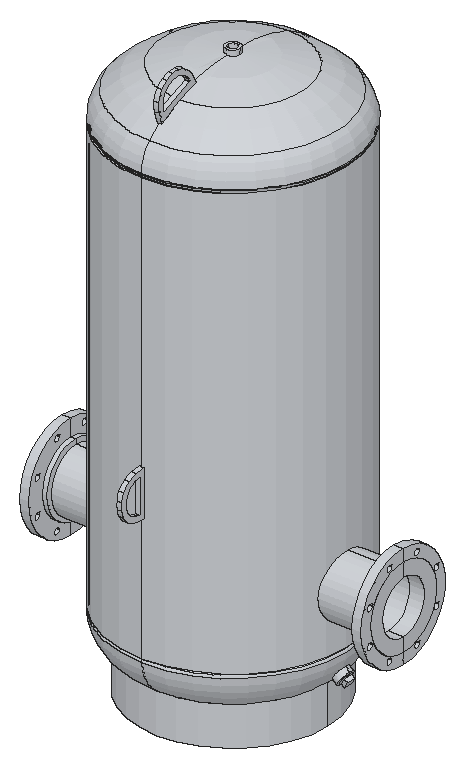
Revit family "CBT-120-6", category Generic Models, Revit 2014
Parameters (values of type "CBT-120-6")
  URL = "http://westank.com/"
  Tank Volume = 120.00 gal
  Shipping Weight = 410.00 lbf
  Part Number = 55240120
  Model = "CBT-120-6"
  Flange Connector Diameter = 6"
  Description = "Wessels ASME Chilled Water Buffer Tanks (CBT) are designed for chilled water systems with insufficient water volume capacity in relation to the chiller capacity."
  D = 14"
  C = 19.99807"
  B = 60"
  A = 24"
Reference planes (in)
  plane 1 "Center (Front/Back)": y = 0
  plane 2: z = 0
  plane 3 "Center (Left/Right)": x = 0
  plane 4: through (12.55282, -180, 5.24135) normal (0.8192, 0, -0.5736)
  plane 5: z = 60
  plane 6: x = -9.99904
  plane 7: x = 9.99904
  plane 8: x = -12
  plane 9: x = 12
  plane 10: y = 12
  plane 11: y = -12
  plane 12: z = 14
  plane 13: z = 0
Forms (in)
  Revolve 1, solid
    sketch origin (0, -0.02461, 0) x (0, 1, 0) y (0, 0, 1)
      loop
        arc (-9.83101, 4.11424) -> (-7.79074, 2.94425) -> (-5.56568, 2.18221) r 12.35166
        arc (-5.56568, 2.18221) -> (-4.72655, 1.99447) -> (-3.88233, 1.83116) r 29.62981
        arc (-3.88233, 1.83116) -> (-1.9365, 1.57353) -> (0.02461, 1.49157) r 21.84895
        line (0.02461, 1.49157) -> (0.02461, 1.65844)
        arc (0.02461, 1.65844) -> (-1.34403, 1.72852) -> (-2.7096, 1.84384) r 41.42336
        arc (-2.7096, 1.84384) -> (-4.29668, 2.07784) -> (-5.85586, 2.45541) r 17.59706
        arc (-5.85586, 2.45541) -> (-7.96801, 3.24984) -> (-9.93425, 4.35719) r 14.74916
        arc (-9.93425, 4.35719) -> (-11.28742, 5.80966) -> (-11.85018, 7.71336) r 4.32984
        arc (-11.85018, 7.71336) -> (-11.81699, 7.79381) -> (-11.76254, 7.86171) r 0.30676
        arc (-11.76254, 7.86171) -> (-11.65716, 8.06319) -> (-11.7003, 8.28643) r 0.3444
        line (-11.7003, 8.28643) -> (-11.83544, 8.28643) -> (-11.83544, 53.23643) -> (-11.67058, 53.23643)
        arc (-11.67058, 53.23643) -> (-11.7113, 53.50997) -> (-11.84324, 53.75302) r 0.7952
        arc (-11.84324, 53.75302) -> (-11.85918, 53.77449) -> (-11.87365, 53.79698) r 0.40051
        arc (-11.87365, 53.79698) -> (-11.59108, 55.14279) -> (-10.81984, 56.28132) r 3.5625
        arc (-10.81984, 56.28132) -> (-9.1367, 57.64322) -> (-7.21479, 58.64022) r 10.74973
        arc (-7.21479, 58.64022) -> (-3.6597, 59.63533) -> (0.02461, 59.8694) r 17.65577
        line (0.02461, 59.8694) -> (0.02461, 60.01952)
        arc (0.02461, 60.01952) -> (-3.68786, 59.78269) -> (-7.2701, 58.77965) r 17.80577
        arc (-7.2701, 58.77965) -> (-9.21883, 57.76874) -> (-10.92545, 56.38783) r 10.89973
        arc (-10.92545, 56.38783) -> (-11.73679, 55.18328) -> (-12.02393, 53.75964) r 3.7125
        arc (-12.02393, 53.75964) -> (-11.99497, 53.70793) -> (-11.96061, 53.65963) r 0.55051
        arc (-11.96061, 53.65963) -> (-11.88074, 53.53057) -> (-11.83322, 53.38643) r 0.6452
        line (-11.83322, 53.38643) -> (-11.97539, 53.38643) -> (-11.97539, 8.13643) -> (-11.80492, 8.13643)
        arc (-11.80492, 8.13643) -> (-11.81524, 8.04663) -> (-11.86505, 7.97121) r 0.1944
        arc (-11.86505, 7.97121) -> (-11.95237, 7.85922) -> (-12.00107, 7.72583) r 0.45676
        arc (-12.00107, 7.72583) -> (-11.36713, 5.64899) -> (-9.83101, 4.11424) r 4.47984
      axis (0.02461, 1.49157) -> (0.02461, 60.01952)
    angle from 0 to 360
  Revolve 2, solid
    sketch origin (0, 0, 0) x (-1, 0, 0) y (0, 0, 1)
      loop
        line (16.50002, 11.18799) -> (16.50002, 10.21487) -> (17.06253, 10.21487) -> (17.06253, 8.49935) -> (18.00002, 8.49935) -> (18.00002, 9.7492) -> (18.06252, 9.7492) -> (18.06252, 11.18799) -> (16.50002, 11.18799)
      axis (18.06252, 14) -> (16.50002, 14)
    angle from 0 to 360
  Revolve 3, solid
    sketch origin (0, 0, 0) x (1, 0, 0) y (0, 0, 1)
      loop
        line (11.71753, 6.11956) -> (11.66586, 6.1556) -> (11.25436, 5.56561) -> (11.86992, 5.13627) -> (12.24588, 5.6753) -> (12.19462, 5.71106) -> (12.31904, 5.88945) -> (11.80641, 6.24699) -> (11.71753, 6.11956)
      axis (11.25436, 5.56561) -> (11.86992, 5.13627)
    angle from 0 to 360
  Extrusion 4, solid
    sketch origin (12.55282, -180, 5.24135) x (0.573576, 0, 0.819152) y (0, -1, 0)
      loop
        line (-0.16036, -179.52645) -> (-0.95521, -179.68698) -> (-0.79485, -180.48095) -> (0, -180.32042) -> (-0.16036, -179.52645)
    from -1.04121 to 0
  Extrusion 5, solid
    sketch origin (0, 0, 0) x (0, 1, 0) y (0, 0, 1)
      loop
        line (-11.93439, 21.33067) -> (-11.93439, 26.202)
        arc (-11.93439, 26.202) -> (-12.47846, 26.15164) -> (-13.01533, 26.05008) r 5.77422
        arc (-13.01533, 26.05008) -> (-13.49297, 25.89754) -> (-13.94252, 25.67548) r 3.35288
        arc (-13.94252, 25.67548) -> (-14.34081, 25.36666) -> (-14.64962, 24.96837) r 2.0073
        arc (-14.64962, 24.96837) -> (-14.80343, 24.58932) -> (-14.88788, 24.18906) r 2.30742
        arc (-14.88788, 24.18906) -> (-14.91277, 23.77188) -> (-14.88788, 23.3547) r 3.50846
        arc (-14.88788, 23.3547) -> (-14.79412, 22.92876) -> (-14.61961, 22.52904) r 2.24053
        arc (-14.61961, 22.52904) -> (-14.27401, 22.08806) -> (-13.80999, 21.77406) r 1.8078
        arc (-13.80999, 21.77406) -> (-13.34321, 21.55591) -> (-12.84107, 21.44044) r 2.44481
        arc (-12.84107, 21.44044) -> (-12.39043, 21.36326) -> (-11.93439, 21.33067) r 4.65484
      loop
        arc (-12.44611, 25.63929) -> (-12.67227, 25.60073) -> (-12.89654, 25.55235) r 5.2625
        arc (-12.89654, 25.55235) -> (-13.30128, 25.42308) -> (-13.68221, 25.23491) r 2.84116
        arc (-13.68221, 25.23491) -> (-13.97364, 25.01013) -> (-14.20134, 24.72098) r 1.49558
        arc (-14.20134, 24.72098) -> (-14.3163, 24.43235) -> (-14.37979, 24.12821) r 1.7957
        arc (-14.37979, 24.12821) -> (-14.40106, 23.77188) -> (-14.37979, 23.41555) r 2.99674
        arc (-14.37979, 23.41555) -> (-14.30745, 23.08689) -> (-14.17279, 22.77846) r 1.72881
        arc (-14.17279, 22.77846) -> (-13.91552, 22.45353) -> (-13.56884, 22.22643) r 1.29608
        arc (-13.56884, 22.22643) -> (-13.1779, 22.0402) -> (-12.75531, 21.94566) r 1.9331
        arc (-12.75531, 21.94566) -> (-12.60126, 21.91347) -> (-12.44611, 21.88716) r 4.14312
        line (-12.44611, 21.88716) -> (-12.44611, 25.63929)
    from -0.24366 to 0.25634
  Extrusion 6, solid
    sketch origin (0, -25.23675, 38.88211) x (0, 0.366501, -0.930418) y (0, 0.930418, 0.366501)
      loop
        line (-11.41103, 21.34851) -> (-11.41103, 26.20181)
        arc (-11.41103, 26.20181) -> (-12.2185, 26.18219) -> (-13.01533, 26.05008) r 5.77422
        arc (-13.01533, 26.05008) -> (-13.49297, 25.89754) -> (-13.94252, 25.67548) r 3.35288
        arc (-13.94252, 25.67548) -> (-14.34081, 25.36666) -> (-14.64962, 24.96837) r 2.0073
        arc (-14.64962, 24.96837) -> (-14.80343, 24.58932) -> (-14.88788, 24.18906) r 2.30742
        arc (-14.88788, 24.18906) -> (-14.91277, 23.77188) -> (-14.88788, 23.3547) r 3.50846
        arc (-14.88788, 23.3547) -> (-14.79412, 22.92876) -> (-14.61961, 22.52904) r 2.24053
        arc (-14.61961, 22.52904) -> (-14.27401, 22.08806) -> (-13.80999, 21.77406) r 1.8078
        arc (-13.80999, 21.77406) -> (-13.34321, 21.55591) -> (-12.84107, 21.44044) r 2.44481
        arc (-12.84107, 21.44044) -> (-12.12961, 21.33911) -> (-11.41103, 21.34851) r 4.65484
      loop
        arc (-12.44611, 25.63929) -> (-12.67227, 25.60073) -> (-12.89654, 25.55235) r 5.2625
        arc (-12.89654, 25.55235) -> (-13.30128, 25.42308) -> (-13.68221, 25.23491) r 2.84116
        arc (-13.68221, 25.23491) -> (-13.97364, 25.01013) -> (-14.20134, 24.72098) r 1.49558
        arc (-14.20134, 24.72098) -> (-14.3163, 24.43235) -> (-14.37979, 24.12821) r 1.7957
        arc (-14.37979, 24.12821) -> (-14.40106, 23.77188) -> (-14.37979, 23.41555) r 2.99674
        arc (-14.37979, 23.41555) -> (-14.30745, 23.08689) -> (-14.17279, 22.77846) r 1.72881
        arc (-14.17279, 22.77846) -> (-13.91552, 22.45353) -> (-13.56884, 22.22643) r 1.29608
        arc (-13.56884, 22.22643) -> (-13.1779, 22.0402) -> (-12.75531, 21.94566) r 1.9331
        arc (-12.75531, 21.94566) -> (-12.60126, 21.91347) -> (-12.44611, 21.88716) r 4.14312
        line (-12.44611, 21.88716) -> (-12.44611, 25.63929)
    from -0.24366 to 0.25634
  Extrusion 7, solid
    sketch origin (0, 0, 0) x (1, 0, 0) y (0, 1, 0)
      loop
        circle (0, 0) r 0.75
      loop
        circle (0, 0) r 0.5
    from 58.5833 to 60.52076
  Extrusion 8, void
    sketch origin (0, 0.13917, 0.41751) x (0, 1, 0) y (0, 0, -1)
      loop
        circle (1.68352, -17.96968) r 0.37567
      loop
        circle (-1.94345, -17.96968) r 0.37567
      loop
        circle (-4.52054, -15.3926) r 0.37567
      loop
        circle (-4.52054, -11.76533) r 0.37567
      loop
        circle (-1.96477, -9.20956) r 0.37567
      loop
        circle (1.70182, -9.20956) r 0.37567
      loop
        circle (4.24934, -11.75708) r 0.37567
      loop
        circle (4.24934, -15.40775) r 0.37567
    from 15.80097 to 18.88976
  Extrusion 9, void
    sketch origin (0, 0, 0) x (1, 0, 0) y (0, 1, 0)
      loop
        circle (0, 0) r 0.5
    from 58.5833 to 62.3834
  Revolve 10, solid
    sketch origin (0, 0, 0) x (1, 0, 0) y (0, 0, 1)
      loop
        line (9.87513, 4.44941) -> (9.87513, 0) -> (10.00001, 0) -> (10.00001, 4.44941) -> (9.87513, 4.44941)
      axis (0, 4.44941) -> (0, 0)
    angle from 0 to 360
  Revolve 11, solid
    sketch origin (0, 0, 0) x (1, 0, 0) y (0, 0, 1)
      loop
        line (-10.36322, 10.96877) -> (-17.56252, 10.96877) -> (-17.56252, 10.68752) -> (-10.36322, 10.68752) -> (-10.36322, 10.96877)
      axis (-17.56252, 14) -> (-10.36322, 14)
    angle from 0 to 360
  Extrusion 12, void
    sketch origin (0, 0, 0) x (0, 1, 0) y (0, 0, 1)
      loop
        circle (0, 14) r 2.81201
    from -18.86806 to 18.76515
  Revolve 13, solid
    sketch origin (0, 0, 0) x (1, 0, 0) y (0, 0, 1)
      loop
        line (16.37498, 11.19317) -> (16.37498, 10.21501) -> (16.93748, 10.21501) -> (16.93748, 8.49952) -> (17.87498, 8.49952) -> (17.87498, 9.74952) -> (17.93748, 9.74952) -> (17.93748, 11.19317) -> (16.37498, 11.19317)
      axis (17.93748, 14) -> (16.37498, 14)
    angle from 0 to 360
  Revolve 14, solid
    sketch origin (0, 0, 0.03125) x (-1, 0, 0) y (0, 0, 1)
      loop
        line (-10.45881, 10.93636) -> (-16.95881, 10.93636) -> (-16.95881, 10.67645) -> (-10.45881, 10.67645) -> (-10.45881, 10.93636)
      axis (-16.95881, 13.96875) -> (-10.45881, 13.96875)
    angle from 0 to 360
  Extrusion 15, void
    sketch origin (0, 0.13917, 0.41751) x (0, 1, 0) y (0, 0, 1)
      loop
        circle (1.68352, 17.96968) r 0.37567
      loop
        circle (-1.94345, 17.96968) r 0.37567
      loop
        circle (-4.52054, 15.3926) r 0.37567
      loop
        circle (-4.52054, 11.76533) r 0.37567
      loop
        circle (-1.96477, 9.20956) r 0.37567
      loop
        circle (1.70182, 9.20956) r 0.37567
      loop
        circle (4.24934, 11.75708) r 0.37567
      loop
        circle (4.24934, 15.40775) r 0.37567
    from 15.80097 to 18.88976
Cuts and joins
  Extrusion 9, Extrusion 12 cuts Revolve 1
  joined: Revolve 1, Extrusion 4, Extrusion 5, Extrusion 6, Extrusion 7, Revolve 10
  Extrusion 8, Extrusion 15 cuts Revolve 2
  Extrusion 15 cuts Revolve 14
  Extrusion 15 cuts Revolve 13
Dimensions and locks (in)
  "B": plane 5 to level
  "C": plane 7 to plane 6
  equal spacing: plane 9, plane 3 "Center (Left/Right)", plane 8
  "A": plane 9 to plane 8
  "D": plane 12 to level
  equal spacing: plane 10, plane 1 "Center (Front/Back)", plane 11
  plane 10 to plane 11 = 24"
  aligned and locked: plane 2 to level
  aligned and locked: Revolve 10 sketch curve to plane 3 "Center (Left/Right)"
Automatic sketch dimensions
  Revolve 1 sketch curve to Revolve 1 sketch curve = 0"  (x25)
  Revolve 1 sketch curve to plane 11 = 0"
  Revolve 1 sketch curve to plane 1 "Center (Front/Back)" = 0"  (x3)
  plane 11 to Revolve 1 sketch curve = 0.02253"
  plane 11 to Revolve 1 sketch curve = 0.49009"
  Revolve 1 sketch curve to plane 11 = 0.13996"
  Revolve 1 sketch curve to Revolve 1 sketch curve = 0.14217"
  Revolve 1 sketch curve to Revolve 1 sketch curve = 0.03051"
  Revolve 1 sketch curve to Revolve 1 sketch curve = 0.13514"
  Revolve 1 sketch curve to Revolve 1 sketch curve = 0.16486"
  Revolve 1 sketch curve to plane 11 = 0.42251"
  Revolve 1 sketch curve to plane 11 = 0.44555"
  Revolve 1 sketch curve to Revolve 1 sketch curve = 3.2184"
  Revolve 1 sketch curve to Revolve 1 sketch curve = 4.02572"
  plane 1 "Center (Front/Back)" to Revolve 1 sketch curve = 3.27544"
  plane 12 to Revolve 1 sketch curve = 0.19548"
  plane 1 "Center (Front/Back)" to Revolve 1 sketch curve = 2.71895"
  plane 1 "Center (Front/Back)" to Revolve 1 sketch curve = 1.75935"
  plane 1 "Center (Front/Back)" to Revolve 1 sketch curve = 0.96361"
  plane 1 "Center (Front/Back)" to Revolve 1 sketch curve = 0.72885"
  plane 1 "Center (Front/Back)" to Revolve 1 sketch curve = 0.0691"
  Revolve 1 sketch curve to plane 1 "Center (Front/Back)" = 1.29764"
  Revolve 1 sketch curve to plane 1 "Center (Front/Back)" = 1.43376"
  Revolve 1 sketch curve to plane 12 = 5.71357"
  Revolve 1 sketch curve to Revolve 1 sketch curve = 0.15"  (x2)
  Revolve 1 sketch curve to Revolve 1 sketch curve = 0.02331"
  Revolve 1 sketch curve to Revolve 1 sketch curve = 0.33015"
  Revolve 1 sketch curve to Revolve 1 sketch curve = 0.49864"
  level to Revolve 1 sketch curve = 1.65844"
  Revolve 1 sketch curve to Revolve 1 sketch curve = 0.16687"
  Revolve 1 sketch curve to Revolve 1 sketch curve = 2.42164"
  Revolve 1 sketch curve to Revolve 1 sketch curve = 2.73447"
  Revolve 1 sketch curve to Revolve 1 sketch curve = 3.98882"
  Revolve 1 sketch curve to Revolve 1 sketch curve = 7.65989"
  Revolve 1 sketch curve to Revolve 1 sketch curve = 11.22838"
  Revolve 1 sketch curve to Revolve 1 sketch curve = 0.8283"
  Revolve 1 sketch curve to Revolve 1 sketch curve = 6.41936"
  Revolve 1 sketch curve to plane 5 = 6.76357"
  Revolve 1 sketch curve to Revolve 1 sketch curve = 0.02147"
  Revolve 1 sketch curve to Revolve 1 sketch curve = 0.5152"
  Revolve 1 sketch curve to Revolve 1 sketch curve = 0.61597"
  Revolve 1 sketch curve to plane 5 = 0.1306"
  plane 5 to Revolve 1 sketch curve = 5/256"
  plane 11 to Revolve 1 sketch curve = 0.02568"
  plane 11 to Revolve 1 sketch curve = 0.04854"
  Revolve 1 sketch curve to Revolve 1 sketch curve = 0.03042"
  Revolve 1 sketch curve to plane 11 = 0.12521"
  Revolve 1 sketch curve to Revolve 1 sketch curve = 0.10324"
  Revolve 1 sketch curve to Revolve 1 sketch curve = 0.27644"
  Revolve 1 sketch curve to Revolve 1 sketch curve = 0.10012"
  Revolve 2 sketch curve to plane 12 = 0"
  plane 8 to Revolve 2 sketch curve = 4 1/2"
  Revolve 2 sketch curve to Revolve 2 sketch curve = 9/16"
  Revolve 2 sketch curve to Revolve 2 sketch curve = 15/16"
  Revolve 2 sketch curve to Revolve 2 sketch curve = 1"
  plane 12 to Revolve 2 sketch curve = 2.81201"
  Revolve 2 sketch curve to Revolve 2 sketch curve = 0.97313"
  Revolve 2 sketch curve to Revolve 2 sketch curve = 0.46566"
  Revolve 2 sketch curve to Revolve 2 sketch curve = 1.24985"
  plane 8 to Revolve 2 sketch curve = 2 1/16"
  Revolve 2 sketch curve to Revolve 2 sketch curve = 0.68278"
  Revolve 3 sketch curve to plane 9 = 0.74564"
  Revolve 3 sketch curve to plane 9 = 0.33414"
  Revolve 3 sketch curve to Revolve 3 sketch curve = 0.05167"
  Revolve 3 sketch curve to Revolve 3 sketch curve = 0.08888"
  Revolve 3 sketch curve to plane 9 = 0.13008"
  plane 9 to Revolve 3 sketch curve = 0.19462"
  Revolve 3 sketch curve to Revolve 3 sketch curve = 0.05126"
  level to Revolve 3 sketch curve = 5.13627"
  Revolve 3 sketch curve to Revolve 3 sketch curve = 0.42934"
  Revolve 3 sketch curve to Revolve 3 sketch curve = 0.12768"
  Revolve 3 sketch curve to Revolve 3 sketch curve = 0"  (x2)
  Revolve 3 sketch curve to Revolve 3 sketch curve = 0.08905"
  plane 1 "Center (Front/Back)" to Extrusion 4 sketch curve = 0.31302"
  Extrusion 4 sketch curve to plane 1 "Center (Front/Back)" = 0.48095"
  Extrusion 4 sketch curve to Extrusion 4 sketch curve = 0.16036"  (x2)
  plane 1 "Center (Front/Back)" to Extrusion 4 sketch curve = 0.47355"
  Extrusion 4 sketch curve to Extrusion 4 sketch curve = 0.79485"
  Extrusion 4 sketch curve to plane 1 "Center (Front/Back)" = 0.32042"
  Extrusion 5 sketch curve to Extrusion 5 sketch curve = 0"  (x24)
  plane 11 to Extrusion 5 sketch curve = 1.04109"
  Extrusion 5 sketch curve to Extrusion 5 sketch curve = 0.11966"
  Extrusion 5 sketch curve to Extrusion 5 sketch curve = 0.25819"
  Extrusion 5 sketch curve to Extrusion 5 sketch curve = 17/256"
  Extrusion 5 sketch curve to Extrusion 5 sketch curve = 0.04958"
  plane 11 to Extrusion 5 sketch curve = 0.44611"
  plane 11 to Extrusion 5 sketch curve = 0.23696"
  Extrusion 5 sketch curve to plane 11 = 0.06561"
  Extrusion 5 sketch curve to plane 11 = 0.16899"
  Extrusion 5 sketch curve to plane 11 = 0.32516"
  Extrusion 5 sketch curve to plane 11 = 0.59568"
  plane 12 to Extrusion 5 sketch curve = 6.43362"
  Extrusion 5 sketch curve to Extrusion 5 sketch curve = 0.89706"
  Extrusion 5 sketch curve to Extrusion 5 sketch curve = 0.55648"
  Extrusion 5 sketch curve to Extrusion 5 sketch curve = 0.90165"
  Extrusion 5 sketch curve to Extrusion 5 sketch curve = 0.62139"
  Extrusion 5 sketch curve to Extrusion 5 sketch curve = 27/128"
  Extrusion 5 sketch curve to Extrusion 5 sketch curve = 0.15076"
  Extrusion 5 sketch curve to Extrusion 5 sketch curve = 0.24641"
  Extrusion 5 sketch curve to Extrusion 5 sketch curve = 0.04716"
  Extrusion 5 sketch curve to Extrusion 5 sketch curve = 0.0326"
  Extrusion 5 sketch curve to Extrusion 5 sketch curve = 1.7246"
  Extrusion 5 sketch curve to Extrusion 5 sketch curve = 0.34507"
  Extrusion 5 sketch curve to Extrusion 5 sketch curve = 0.21764"
  Extrusion 5 sketch curve to Extrusion 5 sketch curve = 1.12273"
  Extrusion 5 sketch curve to Extrusion 5 sketch curve = 0.78568"
  Extrusion 5 sketch curve to Extrusion 5 sketch curve = 0.24115"
  Extrusion 5 sketch curve to Extrusion 5 sketch curve = 0.2603"
  Extrusion 5 sketch curve to Extrusion 5 sketch curve = 0.60395"
  Extrusion 5 sketch curve to Extrusion 5 sketch curve = 0.51913"
  Extrusion 5 sketch curve to Extrusion 5 sketch curve = 0.44682"
  Extrusion 5 sketch curve to Extrusion 5 sketch curve = 0.44829"
  Extrusion 6 sketch curve to Extrusion 6 sketch curve = 0"  (x24)
  Extrusion 6 sketch curve to plane 5 = 0.40436"
  Extrusion 6 sketch curve to plane 11 = 3.76493"
  Extrusion 6 sketch curve to Extrusion 6 sketch curve = 0.11966"
  Extrusion 6 sketch curve to Extrusion 6 sketch curve = 0.25819"
  Extrusion 6 sketch curve to Extrusion 6 sketch curve = 17/256"
  Extrusion 6 sketch curve to Extrusion 6 sketch curve = 0.04958"
  Extrusion 6 sketch curve to Extrusion 6 sketch curve = 0.59499"
  Extrusion 6 sketch curve to Extrusion 6 sketch curve = 0.20915"
  Extrusion 6 sketch curve to Extrusion 6 sketch curve = 0.6151"
  Extrusion 6 sketch curve to Extrusion 6 sketch curve = 0.77126"
  Extrusion 6 sketch curve to Extrusion 6 sketch curve = 0.41998"
  Extrusion 6 sketch curve to Extrusion 6 sketch curve = 1.14294"
  Extrusion 6 sketch curve to Extrusion 6 sketch curve = 0.62139"
  Extrusion 6 sketch curve to Extrusion 6 sketch curve = 0.90165"
  Extrusion 6 sketch curve to Extrusion 6 sketch curve = 0.53865"
  Extrusion 6 sketch curve to Extrusion 6 sketch curve = 0.91489"
  Extrusion 6 sketch curve to Extrusion 6 sketch curve = 27/128"
  Extrusion 6 sketch curve to Extrusion 6 sketch curve = 0.15076"
  Extrusion 6 sketch curve to Extrusion 6 sketch curve = 0.24641"
  Extrusion 6 sketch curve to Extrusion 6 sketch curve = 0.04716"
  Extrusion 6 sketch curve to Extrusion 6 sketch curve = 0.0326"
  Extrusion 6 sketch curve to Extrusion 6 sketch curve = 1.7246"
  Extrusion 6 sketch curve to Extrusion 6 sketch curve = 0.34507"
  Extrusion 6 sketch curve to Extrusion 6 sketch curve = 0.21744"
  Extrusion 6 sketch curve to Extrusion 6 sketch curve = 1.12273"
  Extrusion 6 sketch curve to Extrusion 6 sketch curve = 0.78568"
  Extrusion 6 sketch curve to Extrusion 6 sketch curve = 0.24115"
  Extrusion 6 sketch curve to Extrusion 6 sketch curve = 0.2603"
  Extrusion 6 sketch curve to Extrusion 6 sketch curve = 0.60395"
  Extrusion 6 sketch curve to Extrusion 6 sketch curve = 0.51913"
  Extrusion 6 sketch curve to Extrusion 6 sketch curve = 0.44682"
  Extrusion 6 sketch curve to Extrusion 6 sketch curve = 0.44829"
  Extrusion 7 sketch curve to Extrusion 7 sketch curve = 0"  (x2)
  plane 1 "Center (Front/Back)" to Extrusion 7 sketch curve = 0"
  Extrusion 7 sketch curve to plane 3 "Center (Left/Right)" = 0"
  Extrusion 8 sketch curve to plane 12 = 1.81716"
  plane 1 "Center (Front/Back)" to Extrusion 8 sketch curve = 4.38137"
  plane 12 to Extrusion 8 sketch curve = 1.81011"
  Extrusion 8 sketch curve to Extrusion 8 sketch curve = 0"  (x2)
  plane 1 "Center (Front/Back)" to Extrusion 8 sketch curve = 1.8256"
  plane 1 "Center (Front/Back)" to Extrusion 8 sketch curve = 1.80429"
  Extrusion 8 sketch curve to plane 1 "Center (Front/Back)" = 1.82269"
  Extrusion 8 sketch curve to plane 1 "Center (Front/Back)" = 1.84099"
  Extrusion 8 sketch curve to Extrusion 8 sketch curve = 2.56582"
  Extrusion 8 sketch curve to Extrusion 8 sketch curve = 2.54752"  (x2)
  plane 12 to Extrusion 8 sketch curve = 1.82526"
  Extrusion 8 sketch curve to Extrusion 8 sketch curve = 2.56194"
  Extrusion 8 sketch curve to plane 12 = 1.82541"
  Extrusion 8 sketch curve to Extrusion 8 sketch curve = 2.55576"
  Extrusion 9 sketch curve to Extrusion 9 sketch curve = 0"  (x2)
  plane 1 "Center (Front/Back)" to Extrusion 9 sketch curve = 0"
  Extrusion 9 sketch curve to plane 3 "Center (Left/Right)" = 0"
  Extrusion 9 sketch curve to plane 3 "Center (Left/Right)" = 1/2"
  Revolve 10 sketch curve to level = 0"
  Revolve 10 sketch curve to plane 7 = 0.12391"
  plane 7 to Revolve 10 sketch curve = 0.00098"
  Revolve 10 sketch curve to Revolve 10 sketch curve = 4.44941"
  level to Revolve 10 sketch curve = 4.69941"
  Revolve 10 sketch curve to Revolve 10 sketch curve = 1"
  Revolve 11 sketch curve to plane 12 = 0"
  Revolve 11 sketch curve to plane 8 = 5 9/16"
  Revolve 11 sketch curve to plane 6 = 0.36418"
  Revolve 11 sketch curve to plane 12 = 3 1/32"
  Revolve 11 sketch curve to Revolve 11 sketch curve = 9/32"
  Revolve 11 sketch curve to plane 8 = 0.96816"
  Revolve 11 sketch curve to Revolve 11 sketch curve = 0.36015"
  Revolve 13 sketch curve to plane 12 = 0"
  plane 9 to Revolve 13 sketch curve = 4 3/8"
  Revolve 13 sketch curve to Revolve 13 sketch curve = 9/16"
  Revolve 13 sketch curve to Revolve 13 sketch curve = 15/16"
  Revolve 13 sketch curve to Revolve 13 sketch curve = 1/16"
  Revolve 13 sketch curve to plane 12 = 2.80683"
  Revolve 13 sketch curve to Revolve 13 sketch curve = 0.97816"
  Revolve 13 sketch curve to Revolve 13 sketch curve = 0.46549"
  Revolve 13 sketch curve to Revolve 13 sketch curve = 1 1/4"
  Revolve 13 sketch curve to plane 9 = 0.7521"
  plane 7 to Revolve 13 sketch curve = 0.56608"
  Revolve 14 sketch curve to plane 12 = 0"
  Revolve 14 sketch curve to plane 9 = 4.95881"
  Revolve 14 sketch curve to plane 7 = 0.45978"
  plane 12 to Revolve 14 sketch curve = 3.03239"
  Revolve 14 sketch curve to Revolve 14 sketch curve = 0.25992"
  Revolve 14 sketch curve to plane 7 = 0.69724"
  Revolve 14 sketch curve to plane 7 = 0.33709"
  Extrusion 15 sketch curve to plane 12 = 1.81716"
  plane 1 "Center (Front/Back)" to Extrusion 15 sketch curve = 4.38137"
  plane 12 to Extrusion 15 sketch curve = 1.81011"
  Extrusion 15 sketch curve to Extrusion 15 sketch curve = 0"
  plane 1 "Center (Front/Back)" to Extrusion 15 sketch curve = 1.8256"
  plane 1 "Center (Front/Back)" to Extrusion 15 sketch curve = 1.80429"
  Extrusion 15 sketch curve to plane 1 "Center (Front/Back)" = 1.82269"
  Extrusion 15 sketch curve to plane 1 "Center (Front/Back)" = 1.84099"
  Extrusion 15 sketch curve to Extrusion 15 sketch curve = 2.56582"
  Extrusion 15 sketch curve to Extrusion 15 sketch curve = 2.54752"  (x2)
  Extrusion 15 sketch curve to plane 12 = 1.82541"
  Extrusion 15 sketch curve to Extrusion 15 sketch curve = 2.55576"
  plane 12 to Extrusion 15 sketch curve = 1.82526"
  Extrusion 15 sketch curve to Extrusion 15 sketch curve = 2.57708"
  Extrusion 15 sketch curve to Extrusion 15 sketch curve = 2.56194"
  Extrusion 12 sketch curve to plane 12 = 0"
  Extrusion 12 sketch curve to Extrusion 12 sketch curve = 0"
  Extrusion 12 sketch curve to plane 1 "Center (Front/Back)" = 0"
  Extrusion 12 sketch curve to Extrusion 12 sketch curve = 2.81201"
  radius of Extrusion 7 sketch curve = 3/4"
  radius of Extrusion 7 sketch curve = 1/2"
  radius of Extrusion 8 sketch curve = 0.37567"  (x8)
  radius of Extrusion 15 sketch curve = 0.37567"  (x8)
Connectors (in)
  piping at (-18.06252, 0, 14), diameter 6, driven by "Flange Connector Diameter"
    settings: on Revolve 2, index 1, connector inside diameter 24", connector length 0", flow factor 0, pipe flow 0 GPM, pressure drop 0.00 psi, fitting loss kfactor 0, connector angle 0.00°, fixture units 0, engagement length 0", angle of deflection 0.00°, flow configuration 0, flow direction 0, fitting loss method 0, system type 7, joint type 0, gender type 0, connector reference index 2, connector utility 0, adjustable connector no, is connector primary yes, connector description ""
  piping at (17.93748, 0, 14), diameter 6, driven by "Flange Connector Diameter"
    settings: on Revolve 13, index 2, connector inside diameter 24", connector length 0", flow factor 0, pipe flow 0 GPM, pressure drop 0.00 psi, fitting loss kfactor 0, connector angle 0.00°, fixture units 0, engagement length 0", angle of deflection 0.00°, flow configuration 0, flow direction 0, fitting loss method 0, system type 7, joint type 0, gender type 0, connector reference index 1, connector utility 0, adjustable connector no, is connector primary no, connector description ""
